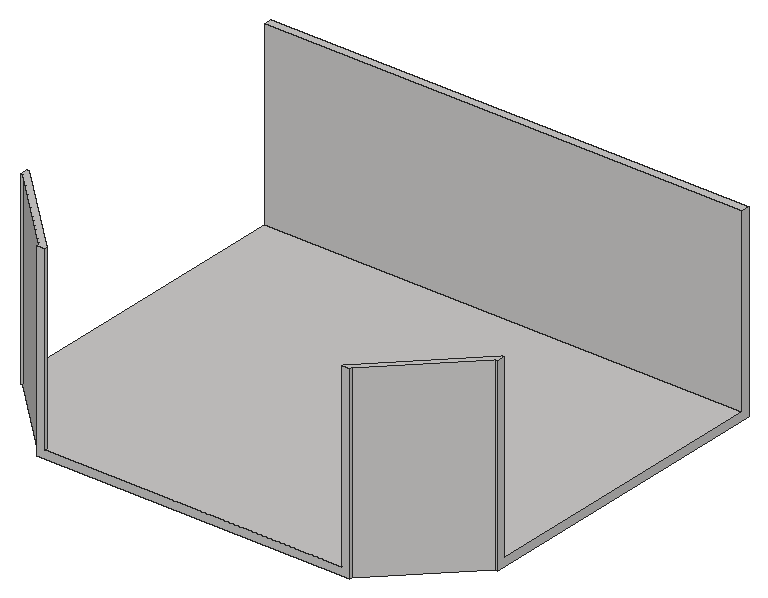
Revit family "Cable_Tray_Fitting-Ventilated_Tray-OBO_Bettermann-Channel_Horizontal_Tee-MKS_Magic", category Cable Tray Fittings, Revit 2012
Parameters (values of type "Hot Dipped Galvanised")
  URL = "http://www.obo-bettermann.com/"
  Tray Connector 3 Location [instance] = if(Tray Width 3 > 399.9 mm, (Tray Width 3 / 2) + 255 mm, (Tray Width 3 / 2) + 26.2 mm)  # 76.2 mm
  Tray Connector2 Location [instance] = if(Tray Width 1 > 399.9 mm, (Tray Width 1 / 2) + 255 mm, (Tray Width 1 / 2) + 26.2 mm)  # 76.2 mm
  Tray Connector 1 Location [instance] = if(Tray Width 1 > 399.9 mm, (Tray Width 1 / 2) + 255 mm, (Tray Width 1 / 2) + 26.2 mm)  # 76.2 mm
  Tray Width 3 [instance] = 100 mm
  Tray Width 1 [instance] = 100 mm
  Tray Length [instance] = 0.794 mm
  Tray Height [instance] = 60 mm
  built-in parameter 1140111 [instance] = 2.58 mm
  Small Tray Tee [instance] = not(Large Tray Tee)  # yes
  Radius = 25.4 mm
  Product Page URL = "http://catalog2.obo-bettermann.com/catalogue/catalogue.do?favOid=kts_315277&act=showIO&lang=en&action=start&catId=KTS&forward=showSolutionView"
  Product Documentation Link = ""
  Pre Galvanized = no
  Model = "MKS-Magic"
  Manufacturer = "OBO Bettermann"
  Large Tray Tee [instance] = (Tray Width 1 > 399.9 mm)  # no
  Description = "Ventilated Cable Tray"
  Connector Description 3 = "Connector for Cable Tray 3"  # constant formula
  Connector Description 2 = "Connector for Cable Tray 2"  # constant formula
  Connector Description = "Connector for Cable Tray 1"  # constant formula
  Classification = "Refer to online catalog for UL and cUL classifed sizes and wire sizes."
  Cable Tray Material = Metal - OBO Bettermann - Hot-Dipped-Galvanised
  Assembly Code = "D5030600"
Types (2, lengths in mm): name | Tray Connector 3 Location | Tray Connector2 Location | Tray Connector 1 Location | Tray Width 3 | Tray Width 1 | Cable Tray Material
  Stripped Galvanised | 126.2 | 126.2 | 126.2 | 200 | 200 | Metal - OBO Bettermann - Strip-Galvanised
  Hot Dipped Galvanised | 76.2 | 76.2 | 76.2 | 100 | 100 | Metal - OBO Bettermann - Hot-Dipped-Galvanised
Reference planes
  plane 1 "Center (Front/Back)": y = 0
  plane 2: z = 0
  plane 3 "Center (Left/Right)": x = 0
  plane 4: y = 50
  plane 5: y = -50
  plane 6: z = 30
  plane 7: z = -30
  plane 8: y = -75.4
  plane 9: x = -50
  plane 10: x = 50
  plane 11: x = -75.4
  plane 12: x = 75.4
  plane 13: y = -47.42
  plane 14: y = 47.42
  plane 15: y = -76.194
  plane 16: x = -47.42
  plane 17: x = 47.42
  plane 18: x = -76.194
  plane 19: x = 76.194
  plane 20: z = -27.42
  plane 21 "Tray Connector Left": x = -76.2
  plane 22 "Tray Connector Right": x = 76.2
  plane 23 "Tray Connector Branch": y = -76.2
Lines and regions (mm)
  model lines, style "Coarse View", detail levels coarse
    curve 1: line (-76.194, 0, 0) -> (76.194, 0, 0)
    curve 2: line (0, 0, 0) -> (0, -76.194, 0)
Dimensions and locks
  equal spacing: plane 4, plane 1 "Center (Front/Back)", plane 5
  "Tray Width 1": plane 4 to plane 5
  equal spacing: plane 6, plane 2, plane 7
  "Tray Height": plane 6 to plane 7
  plane 5 to plane 8 = 25.4 mm
  equal spacing: plane 9, plane 3 "Center (Left/Right)", plane 10
  "Tray Width 3": plane 9 to plane 10
  plane 11 to plane 9 = 25.4 mm
  plane 10 to plane 12 = 25.4 mm
  "built-in parameter 1140111": plane 13 to plane 5
  "built-in parameter 1140111": plane 4 to plane 14
  "Tray Length": plane 8 to plane 15
  "built-in parameter 1140111": plane 9 to plane 16
  "built-in parameter 1140111": plane 17 to plane 10
  "Tray Length": plane 18 to plane 11
  "Tray Length": plane 12 to plane 19
  "built-in parameter 1140111": plane 20 to plane 7
  "Tray Connector2 Location": plane 3 "Center (Left/Right)" to plane 22 "Tray Connector Right"
  "Tray Connector 3 Location": plane 23 "Tray Connector Branch" to plane 1 "Center (Front/Back)"
  "Tray Connector 1 Location": plane 21 "Tray Connector Left" to plane 3 "Center (Left/Right)"
  aligned and locked: plane 19 to curve 1
  aligned and locked: plane 18 to curve 1
  aligned and locked: plane 1 "Center (Front/Back)" to curve 1
  aligned and locked: plane 15 to curve 2
  aligned and locked: plane 1 "Center (Front/Back)" to curve 2
  aligned and locked: curve 2 to plane 3 "Center (Left/Right)"
  aligned and locked: plane 4 to nested 1
  aligned and locked: nested 1 to plane 5
  aligned and locked: nested 1 to plane 9
  aligned and locked: plane 10 to nested 1
  aligned and locked: plane 4 to nested 2
  aligned and locked: nested 2 to plane 18
  aligned and locked: plane 19 to nested 2
Nested families
  nested 1: "Cable_Tray_Fitting-Ventilated_Tray-OBO_Bettermann-Channel_Horizontal_Tee_400-600-MKS" at (0, 0, 0), Tray Width 3 <- "Tray Width 1", Tray Width 1 <- "Tray Width 1", Tray Height <- "Tray Height", visible <- "Large Tray Tee", built-in parameter 1140111 <- "built-in parameter 1140111", type "Stripped Galvanised"
    with Tray Width Overall 610 mm, Tray Width 3 100 mm, Tray Width 1 100 mm, Tray Height 60 mm, built-in parameter 1140111 2.58 mm
  nested 2: "Cable_Tray_Fitting-Ventilated_Tray-OBO_Bettermann-Channel_Horizontal_Tee_100-300-MKS" at (0, 0, 0), Tray Width 3 <- "Tray Width 3", Tray Width 1 <- "Tray Width 1", Tray Height <- "Tray Height", built-in parameter 1140111 <- "built-in parameter 1140111", visible <- "Small Tray Tee", type "Stripped Galvanised"
    with Tray Width 3 100 mm, Tray Width 1 100 mm, Tray Length 0.794 mm, Tray Height 60 mm, built-in parameter 1140111 2.58 mm, Radius Label 1 27.98 mm, Radius Label 25.4 mm
Connectors
  cabletrayconduit at (76.2, 0, 0), driven by "Tray Width 1", driven by "Tray Height", driven by "Connector Description 2"
    settings: index 1, connector width 100 mm, connector height 60 mm, connector radius 300 mm, connector angle 0.00°, system type 32, placement type 0, profile type 1, connector reference index -1, is primary connector yes, connector utility param no, connector description "Connector for Cable Tray 2"
  cabletrayconduit at (-76.2, 0, 0), driven by "Tray Height", driven by "Tray Width 1", driven by "Connector Description"
    settings: index 2, connector width 100 mm, connector height 60 mm, connector radius 300 mm, connector angle 0.00°, system type 32, placement type 0, profile type 1, connector reference index -1, is primary connector no, connector utility param no, connector description "Connector for Cable Tray 1"
  cabletrayconduit at (0, -76.2, 0), driven by "Tray Width 3", driven by "Tray Height", driven by "Connector Description 3"
    settings: index 3, connector width 100 mm, connector height 60 mm, connector radius 300 mm, connector angle 0.00°, system type 32, placement type 0, profile type 1, connector reference index -1, is primary connector no, connector utility param no, connector description "Connector for Cable Tray 3"
Definition of nested family "Cable_Tray_Fitting-Ventilated_Tray-OBO_Bettermann-Channel_Horizontal_Tee_400-600-MKS"
  Parameters (values of type "Stripped Galvanised")
    URL = "http://www.obo-bettermann.com/"
    Tray Width Overall [instance] = Tray Width 3 + 510 mm  # 910 mm
    Tray Width 3 [instance] = 400 mm
    Tray Width 1 [instance] = 400 mm
    Tray Height [instance] = 60 mm
    built-in parameter 1140111 [instance] = 2.58 mm
    Radius Label 1 = Radius Label + 2.6 mm  # 152.6 mm
    Radius Label = 150 mm
    Product Page URL = "http://catalog2.obo-bettermann.com/catalogue/catalogue.do?favOid=kts_315277&act=showIO&lang=en&action=start&catId=KTS&forward=showSolutionView"
    Product Documentation Link = ""
    Pre Galvanized = no
    Model = "MKS"
    Manufacturer = "OBO Bettermann"
    Description = "Cable tray"
    Connector Description 3 = "Connector for Cable Tray 3"  # constant formula
    Connector Description 2 = "Connector for Cable Tray 2"  # constant formula
    Connector Description = "Connector for Cable Tray 1"  # constant formula
    Classification = "Refer to nline catalog for UL and cUL classifed sizes and wire sizes."
    Cable Tray Material = Metal - OBO Bettermann - Strip-Galvanised
    Assembly Code = "D5030600"
  Types (2, lengths in mm): name | Tray Width Overall | Tray Width 3 | Tray Width 1 | Cable Tray Material
    Stripped Galvanised | 910 | 400 | 400 | Metal - OBO Bettermann - Strip-Galvanised
    Steel | 610 | 100 | 100 | Metal - OBO Bettermann - Hot-Dipped-Galvanised
  Reference planes
    plane 1 "Center (Front/Back)": y = 0
    plane 2: z = 0
    plane 3 "Center (Left/Right)": x = 0
    plane 4: y = 200
    plane 5: y = -200
    plane 6: z = 30
    plane 7: z = -30
    plane 8: x = -200
    plane 9: x = 200
    plane 10: y = -197.42
    plane 11: y = 197.42
    plane 12: y = -455
    plane 13: x = -197.42
    plane 14: x = 197.42
    plane 15: z = -27.42
    plane 16: x = -455
    plane 17: x = 455
  Forms (mm)
    Extrusion 1, solid, material "Metal - OBO Bettermann - Strip-Galvanised" <- "Cable Tray Material", detail levels fine
      sketch origin (0, 0, 0) x (1, 0, 0) y (0, 1, 0)
        loop
          line (-455, -197.42) -> (-455, -200) -> (-350, -200)
          arc (-350, -200) -> (-243.934, -243.934) -> (-200, -350) r 150
          line (-200, -350) -> (-200, -455) -> (-197.42, -455) -> (-197.42, -347.51)
          arc (-197.42, -347.51) -> (-242.096, -242.096) -> (-347.51, -197.42) r 152.6
          line (-347.51, -197.42) -> (-455, -197.42)
        loop
          line (350, -200) -> (455, -200) -> (455, -197.42) -> (347.51, -197.42)
          arc (347.51, -197.42) -> (242.096, -242.096) -> (197.42, -347.51) r 152.6
          line (197.42, -347.51) -> (197.42, -455) -> (200, -455) -> (200, -350)
          arc (200, -350) -> (243.934, -243.934) -> (350, -200) r 150
        loop
          line (-455, 200) -> (-455, 197.42) -> (455, 197.42) -> (455, 200) -> (-455, 200)
      from -30 to 30
    Extrusion 2, solid, material "Metal - OBO Bettermann - Strip-Galvanised" <- "Cable Tray Material", detail levels fine
      sketch origin (0, 0, 0) x (1, 0, 0) y (0, 1, 0)
        loop
          line (-455, -200) -> (-350, -200)
          arc (-350, -200) -> (-243.934, -243.934) -> (-200, -350) r 150
          line (-200, -350) -> (-200, -455) -> (200, -455) -> (200, -350)
          arc (200, -350) -> (243.934, -243.934) -> (350, -200) r 150
          line (350, -200) -> (455, -200) -> (455, 200) -> (-455, 200) -> (-455, -200)
      from -30 to -27.42
    Extrusion 3, solid, material "Metal - OBO Bettermann - Strip-Galvanised" <- "Cable Tray Material", detail levels medium
      sketch origin (0, 0, 0) x (1, 0, 0) y (0, 1, 0)
        loop
          line (-455, 200) -> (-455, -200) -> (-350, -200)
          arc (-350, -200) -> (-243.934, -243.934) -> (-200, -350) r 150
          line (-200, -350) -> (-200, -455) -> (200, -455) -> (200, -350)
          arc (200, -350) -> (243.934, -243.934) -> (350, -200) r 150
          line (350, -200) -> (455, -200) -> (455, 200) -> (-455, 200)
      from -30 to 30
  Cuts and joins
    joined: Extrusion 1, Extrusion 2
  Lines and regions (mm)
    model lines, style "Coarse View", detail levels coarse
      curve 1: line (-380, 0, 0) -> (350, 0, 0)
      curve 2: line (0, 0, 0) -> (0, -455, 0)
  Dimensions and locks
    equal spacing: plane 4, plane 1 "Center (Front/Back)", plane 5
    "Tray Width 1": plane 4 to plane 5
    equal spacing: plane 6, plane 2, plane 7
    "Tray Height": plane 6 to plane 7
    equal spacing: plane 8, plane 3 "Center (Left/Right)", plane 9  (x2)
    "Tray Width 3": plane 8 to plane 9
    "built-in parameter 1140111": plane 10 to plane 5
    "built-in parameter 1140111": plane 4 to plane 11
    locked: plane 5 to plane 12 at 255
    "built-in parameter 1140111": plane 8 to plane 13
    "built-in parameter 1140111": plane 14 to plane 9
    "built-in parameter 1140111": plane 15 to plane 7
    locked: plane 16 to plane 8 at 255
    locked: plane 9 to plane 17 at 255
    equal spacing: plane 16, plane 3 "Center (Left/Right)", plane 17
    "Radius Label": radius of Extrusion 3 sketch curve  (x2)
    "Radius Label": radius of Extrusion 1 sketch curve  (x2)
    "Radius Label 1": radius of Extrusion 1 sketch curve  (x2)
    "Radius Label": radius of Extrusion 2 sketch curve  (x2)
    aligned and locked: Extrusion 1 sketch curve to plane 10
    aligned and locked: Extrusion 1 sketch curve to plane 5
    aligned and locked: Extrusion 1 sketch curve to plane 8
    aligned and locked: plane 12 to Extrusion 1 sketch curve  (x2)
    aligned and locked: Extrusion 1 sketch curve to plane 13
    aligned and locked: plane 13 to Extrusion 1 sketch curve
    aligned and locked: plane 8 to Extrusion 1 sketch curve
    aligned and locked: Extrusion 1 sketch curve to plane 12  (x2)
    aligned and locked: Extrusion 1 to plane 7
    aligned and locked: plane 6 to Extrusion 1
    aligned and locked: plane 5 to Extrusion 1 sketch curve
    aligned and locked: plane 10 to Extrusion 1 sketch curve
    aligned and locked: Extrusion 1 sketch curve to plane 14
    aligned and locked: Extrusion 1 sketch curve to plane 9
    aligned and locked: plane 9 to Extrusion 1 sketch curve
    aligned and locked: plane 14 to Extrusion 1 sketch curve
    aligned and locked: plane 11 to Extrusion 1 sketch curve
    aligned and locked: Extrusion 1 sketch curve to plane 4
    aligned and locked: Extrusion 2 sketch curve to plane 5
    aligned and locked: Extrusion 2 sketch curve to plane 4
    aligned and locked: plane 4 to Extrusion 2 sketch curve
    aligned and locked: plane 5 to Extrusion 2 sketch curve
    aligned and locked: plane 12 to Extrusion 2 sketch curve
    aligned and locked: plane 9 to Extrusion 2 sketch curve
    aligned and locked: plane 8 to Extrusion 2 sketch curve
    aligned and locked: Extrusion 2 sketch curve to plane 12
    aligned and locked: Extrusion 2 to plane 7
    aligned and locked: plane 15 to Extrusion 2
    aligned and locked: Extrusion 3 sketch curve to plane 5  (x2)
    aligned and locked: plane 4 to Extrusion 3 sketch curve  (x2)
    aligned and locked: plane 5 to Extrusion 3 sketch curve
    aligned and locked: plane 12 to Extrusion 3 sketch curve
    aligned and locked: Extrusion 3 sketch curve to plane 9
    aligned and locked: plane 9 to Extrusion 3 sketch curve
    aligned and locked: plane 8 to Extrusion 3 sketch curve
    aligned and locked: Extrusion 3 sketch curve to plane 12
    aligned and locked: Extrusion 3 to plane 7
    aligned and locked: plane 6 to Extrusion 3
    aligned and locked: plane 1 "Center (Front/Back)" to curve 1
    aligned and locked: plane 12 to curve 2
    aligned and locked: plane 1 "Center (Front/Back)" to curve 2
    aligned and locked: curve 2 to plane 3 "Center (Left/Right)"
    aligned and locked: plane 16 to Extrusion 3
    aligned and locked: plane 16 to cut or joined group of Extrusion 1, Extrusion 2
    aligned and locked: plane 17 to Extrusion 3
    aligned and locked: cut or joined group of Extrusion 1, Extrusion 2 to Extrusion 3
  Automatic sketch dimensions
    Extrusion 1 sketch curve to Extrusion 1 sketch curve = 0 mm  (x4)
    Extrusion 1 sketch curve to Extrusion 1 sketch curve = 105 mm  (x2)
    Extrusion 1 sketch curve to plane 8 = 255 mm
    Extrusion 2 sketch curve to Extrusion 2 sketch curve = 105 mm  (x2)
    Extrusion 3 sketch curve to plane 8 = 255 mm
    plane 9 to Extrusion 1 sketch curve = 255 mm
    plane 9 to Extrusion 3 sketch curve = 255 mm
    curve 1 to plane 16 = 75 mm
    plane 17 to curve 1 = 105 mm
  Connectors
    cabletrayconduit at (-455, 0, 0), driven by "Tray Height", driven by "Tray Width 1", driven by "Connector Description"
      settings: on Extrusion 3, index 1, connector width 400 mm, connector height 60 mm, connector radius 304.8 mm, connector angle 0.00°, system type 32, placement type 0, profile type 1, connector reference index 2, is primary connector yes, connector utility param no, connector description "Connector for Cable Tray 1"
    cabletrayconduit at (455, 0, 0), driven by "Tray Height", driven by "Tray Width 1", driven by "Connector Description 2"
      settings: on Extrusion 3, index 2, connector width 400 mm, connector height 60 mm, connector radius 304.8 mm, connector angle 0.00°, system type 32, placement type 0, profile type 1, connector reference index 1, is primary connector no, connector utility param no, connector description "Connector for Cable Tray 2"
    cabletrayconduit at (0, -455, 0), driven by "Tray Height", driven by "Tray Width 3", driven by "Connector Description 3"
      settings: on Extrusion 3, index 3, connector width 400 mm, connector height 60 mm, connector radius 304.8 mm, connector angle 0.00°, system type 32, placement type 0, profile type 1, connector reference index -1, is primary connector no, connector utility param no, connector description "Connector for Cable Tray 3"
Definition of nested family "Cable_Tray_Fitting-Ventilated_Tray-OBO_Bettermann-Channel_Horizontal_Tee_100-300-MKS"
  Parameters (values of type "Stripped Galvanised")
    URL = "http://www.obo-bettermann.com/"
    Tray Width 3 [instance] = 100 mm
    Tray Width 1 [instance] = 100 mm
    Tray Length [instance] = 0.794 mm
    Tray Height [instance] = 60 mm
    built-in parameter 1140111 [instance] = 2.58 mm
    Radius Label 1 [instance] = Radius Label + [built-in parameter 1140111]  # 27.98 mm
    Radius Label [instance] = Radius  # 25.4 mm
    Radius = 25.4 mm
    Product Page URL = "http://catalog2.obo-bettermann.com/catalogue/catalogue.do?favOid=kts_315277&act=showIO&lang=en&action=start&catId=KTS&forward=showSolutionView"
    Product Documentation Link = ""
    Pre Galvanized = no
    Model = "MKS"
    Manufacturer = "OBO Bettermann"
    Description = "Cable tray"
    Connector Description 3 = "Connector for Cable Tray 3"  # constant formula
    Connector Description 2 = "Connector for Cable Tray 2"  # constant formula
    Connector Description = "Connector for Cable Tray 1"  # constant formula
    Classification = "Refer to nline catalog for UL and cUL classifed sizes and wire sizes."
    Cable Tray Material = Metal - OBO Bettermann - Strip-Galvanised
    Assembly Code = "D5030600"
  Types (2, lengths in mm): name | Cable Tray Material
    Stripped Galvanised | Metal - OBO Bettermann - Strip-Galvanised
    Steel | Metal - OBO Bettermann - Hot-Dipped-Galvanised
  Reference planes
    plane 1 "Center (Front/Back)": y = 0
    plane 2: z = 0
    plane 3 "Center (Left/Right)": x = 0
    plane 4: y = 50
    plane 5: y = -50
    plane 6: z = 30
    plane 7: z = -30
    plane 8: y = -75.4
    plane 9: x = -50
    plane 10: x = 50
    plane 11: x = -75.4
    plane 12: x = 75.4
    plane 13: y = -47.42
    plane 14: y = 47.42
    plane 15: y = -76.194
    plane 16: x = -47.42
    plane 17: x = 47.42
    plane 18: x = -76.194
    plane 19: x = 76.194
    plane 20: z = -27.42
  Forms (mm)
    Extrusion 1, solid, material "Metal - OBO Bettermann - Strip-Galvanised" <- "Cable Tray Material", detail levels fine
      sketch origin (0, 0, 0) x (1, 0, 0) y (0, 1, 0)
        loop
          line (-76.194, -47.42) -> (-76.194, -50) -> (-75.4, -50) -> (-50, -75.4) -> (-50, -76.194) -> (-47.42, -76.194) -> (-47.42, -75.4) -> (-75.4, -47.42) -> (-76.194, -47.42)
        loop
          line (75.4, -50) -> (76.194, -50) -> (76.194, -47.42) -> (75.4, -47.42) -> (47.42, -75.4) -> (47.42, -76.194) -> (50, -76.194) -> (50, -75.4) -> (75.4, -50)
        loop
          line (-76.194, 50) -> (-76.194, 47.42) -> (76.194, 47.42) -> (76.194, 50) -> (-76.194, 50)
      from -30 to 30
    Extrusion 2, solid, material "Metal - OBO Bettermann - Strip-Galvanised" <- "Cable Tray Material", detail levels fine
      sketch origin (0, 0, 0) x (1, 0, 0) y (0, 1, 0)
        loop
          line (-76.194, -50) -> (-75.4, -50) -> (-50, -75.4) -> (-50, -76.194) -> (50, -76.194) -> (50, -75.4) -> (75.4, -50) -> (76.194, -50) -> (76.194, 50) -> (-76.194, 50) -> (-76.194, -50)
      from -30 to -27.42
    Extrusion 3, solid, material "Metal - OBO Bettermann - Strip-Galvanised" <- "Cable Tray Material", detail levels medium
      sketch origin (0, 0, 0) x (1, 0, 0) y (0, 1, 0)
        loop
          line (-76.194, 50) -> (-76.194, -50) -> (-75.4, -50) -> (-50, -75.4) -> (-50, -76.194) -> (50, -76.194) -> (50, -75.4) -> (75.4, -50) -> (76.194, -50) -> (76.194, 50) -> (-76.194, 50)
      from -30 to 30
  Cuts and joins
    joined: Extrusion 1, Extrusion 2
  Lines and regions (mm)
    model lines, style "Coarse View", detail levels coarse
      curve 1: line (-76.194, 0, 0) -> (76.194, 0, 0)
      curve 2: line (0, 0, 0) -> (0, -76.194, 0)
  Dimensions and locks
    equal spacing: plane 4, plane 1 "Center (Front/Back)", plane 5
    "Tray Width 1": plane 4 to plane 5
    equal spacing: plane 6, plane 2, plane 7
    "Tray Height": plane 6 to plane 7
    "Radius Label": plane 5 to plane 8
    equal spacing: plane 9, plane 3 "Center (Left/Right)", plane 10
    "Tray Width 3": plane 9 to plane 10
    "Radius Label": plane 11 to plane 9
    "Radius Label": plane 10 to plane 12
    "built-in parameter 1140111": plane 13 to plane 5
    "built-in parameter 1140111": plane 4 to plane 14
    "Tray Length": plane 8 to plane 15
    "built-in parameter 1140111": plane 9 to plane 16
    "built-in parameter 1140111": plane 17 to plane 10
    "Tray Length": plane 18 to plane 11
    "Tray Length": plane 12 to plane 19
    "built-in parameter 1140111": plane 20 to plane 7
    aligned and locked: plane 11 to Extrusion 1 sketch curve  (x2)
    aligned and locked: Extrusion 1 sketch curve to plane 13
    aligned and locked: plane 18 to Extrusion 1 sketch curve  (x2)
    aligned and locked: Extrusion 1 sketch curve to plane 5
    aligned and locked: plane 8 to Extrusion 1 sketch curve  (x4)
    aligned and locked: Extrusion 1 sketch curve to plane 9
    aligned and locked: plane 15 to Extrusion 1 sketch curve  (x2)
    aligned and locked: Extrusion 1 sketch curve to plane 16
    aligned and locked: plane 16 to Extrusion 1 sketch curve
    aligned and locked: plane 9 to Extrusion 1 sketch curve
    aligned and locked: Extrusion 1 sketch curve to plane 15  (x2)
    aligned and locked: Extrusion 1 sketch curve to plane 18
    aligned and locked: Extrusion 1 to plane 7
    aligned and locked: plane 6 to Extrusion 1
    aligned and locked: plane 12 to Extrusion 1 sketch curve  (x2)
    aligned and locked: plane 19 to Extrusion 1 sketch curve
    aligned and locked: plane 5 to Extrusion 1 sketch curve
    aligned and locked: plane 13 to Extrusion 1 sketch curve
    aligned and locked: Extrusion 1 sketch curve to plane 19  (x2)
    aligned and locked: Extrusion 1 sketch curve to plane 17
    aligned and locked: Extrusion 1 sketch curve to plane 10
    aligned and locked: plane 10 to Extrusion 1 sketch curve
    aligned and locked: plane 17 to Extrusion 1 sketch curve
    aligned and locked: plane 14 to Extrusion 1 sketch curve
    aligned and locked: Extrusion 1 sketch curve to plane 4
    aligned and locked: plane 18 to Extrusion 2 sketch curve
    aligned and locked: plane 11 to Extrusion 2 sketch curve
    aligned and locked: Extrusion 2 sketch curve to plane 5
    aligned and locked: Extrusion 2 sketch curve to plane 18
    aligned and locked: plane 19 to Extrusion 2 sketch curve  (x2)
    aligned and locked: Extrusion 2 sketch curve to plane 4
    aligned and locked: plane 4 to Extrusion 2 sketch curve
    aligned and locked: plane 5 to Extrusion 2 sketch curve
    aligned and locked: plane 12 to Extrusion 2 sketch curve
    aligned and locked: plane 15 to Extrusion 2 sketch curve
    aligned and locked: plane 8 to Extrusion 2 sketch curve
    aligned and locked: plane 10 to Extrusion 2 sketch curve
    aligned and locked: plane 9 to Extrusion 2 sketch curve
    aligned and locked: Extrusion 2 sketch curve to plane 15
    aligned and locked: Extrusion 2 to plane 7
    aligned and locked: plane 20 to Extrusion 2
    aligned and locked: plane 18 to Extrusion 3 sketch curve
    aligned and locked: plane 11 to Extrusion 3 sketch curve
    aligned and locked: Extrusion 3 sketch curve to plane 5  (x2)
    aligned and locked: plane 4 to Extrusion 3 sketch curve  (x2)
    aligned and locked: Extrusion 3 sketch curve to plane 18
    aligned and locked: plane 5 to Extrusion 3 sketch curve
    aligned and locked: Extrusion 3 sketch curve to plane 19
    aligned and locked: plane 12 to Extrusion 3 sketch curve
    aligned and locked: plane 19 to Extrusion 3 sketch curve
    aligned and locked: plane 15 to Extrusion 3 sketch curve
    aligned and locked: Extrusion 3 sketch curve to plane 10
    aligned and locked: plane 8 to Extrusion 3 sketch curve
    aligned and locked: plane 10 to Extrusion 3 sketch curve
    aligned and locked: plane 9 to Extrusion 3 sketch curve
    aligned and locked: Extrusion 3 sketch curve to plane 15
    aligned and locked: Extrusion 3 to plane 7
    aligned and locked: plane 6 to Extrusion 3
    aligned and locked: plane 19 to curve 1
    aligned and locked: plane 18 to curve 1
    aligned and locked: plane 1 "Center (Front/Back)" to curve 1
    aligned and locked: plane 15 to curve 2
    aligned and locked: plane 1 "Center (Front/Back)" to curve 2
    aligned and locked: curve 2 to plane 3 "Center (Left/Right)"
  Automatic sketch dimensions
    Extrusion 2 sketch curve to plane 8 = 0 mm
    Extrusion 3 sketch curve to plane 8 = 0 mm
  Connectors
    cabletrayconduit at (-76.194, 0, 0), driven by "Tray Height", driven by "Tray Width 1", driven by "Connector Description"
      settings: on Extrusion 3, index 1, connector width 100 mm, connector height 60 mm, connector radius 304.8 mm, connector angle 0.00°, system type 32, placement type 0, profile type 1, connector reference index 2, is primary connector yes, connector utility param no, connector description "Connector for Cable Tray 1"
    cabletrayconduit at (76.194, 0, 0), driven by "Tray Height", driven by "Tray Width 1", driven by "Connector Description 2"
      settings: on Extrusion 3, index 2, connector width 100 mm, connector height 60 mm, connector radius 304.8 mm, connector angle 0.00°, system type 32, placement type 0, profile type 1, connector reference index 1, is primary connector no, connector utility param no, connector description "Connector for Cable Tray 2"
    cabletrayconduit at (0, -76.194, 0), driven by "Tray Height", driven by "Tray Width 3", driven by "Connector Description 3"
      settings: on Extrusion 3, index 3, connector width 100 mm, connector height 60 mm, connector radius 304.8 mm, connector angle 0.00°, system type 32, placement type 0, profile type 1, connector reference index -1, is primary connector no, connector utility param no, connector description "Connector for Cable Tray 3"
